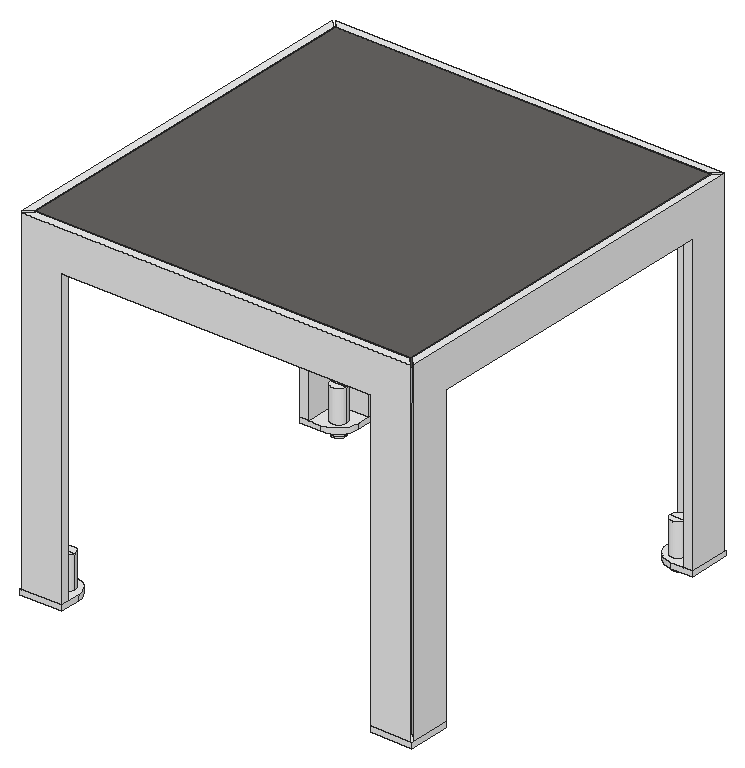
Revit family "Table-Multi_Use-Teknion-PRBM-R2014", category Furniture, Revit 2014
Parameters (values of type "(See Type Catalog)")
  Width = 19"
  Warranty = "http://www.teknionstudio.com/pdfs/Teknion%20Studio%20Warranty.pdf"
  Unit Weight = 0.00 lbf
  URL = "www.teknionstudio.com"
  Table Top Finish = Veneer - Teknion - P7 - Grey Oak
  Series = "B&B Italia"
  Product Page URL = "http://www.teknionstudio.com/progetto1/"
  Product Line = "Progetto"
  Product Documentation Link = "http://www.teknionstudio.com/pricing/progetto_ppg.pdf"
  Part Number = "PRBM"
  Model = ""
  Manufacturer Phone = "919-464-2920"
  Manufacturer Fax = "919-464-2927"
  Manufacturer Email = "customersupport@teknionstudio.com"
  Manufacturer Address = "3941 US 70 Business HWY West, Clayton, NC 27520"
  Manufacturer = "StudioTK"  # constant formula
  Low Emitting Material = yes
  Low Emitting Finish = yes
  Interior Frame Finish = none
  Height = 17"
  Foot Offset = if(Adjustable Foot, 5/8", 1/4")  # 5/8"
  Fixed Foot = not(Adjustable Foot)  # no
  Exterior Frame Finish = Metal - Teknion - C6 - Chrome
  Description = ""
  Depth = 19"
  Assembly Code = "E2020200"
  Adjustable Foot = yes
Reference planes (in)
  plane 1 "Center F/B": y = 0
  plane 2: z = 0
  plane 3 "Center L/R": x = 0
  plane 4 "Left": x = -9.5
  plane 5 "Right": x = 9.5
  plane 6 "Back": y = 9.5
  plane 7 "Front": y = -9.5
  plane 8 "Top": z = 17
  plane 9: z = 0.625
  plane 10 "Revolve Front": y = -8.22842
  plane 11 "Revolve Back": y = 8.22842
Forms (in)
  Sweep 1, solid, material "Veneer - Teknion - P7 - Grey Oak" <- "Table Top Finish"
    path origin (0, 0, 17) x (-1, 0, 0) y (0, -1, 0)
      loop
        line (9.09858, 0) -> (-9.09858, 0)
    profile origin (0, 0, 17) x (0, 1, 0) y (0, 0, 1)
      loop
        line (9.09858, 0) -> (-9.09858, 0) -> (-9.09858, -0.40625) -> (9.09858, -0.40625) -> (9.09858, 0)
  Sweep 2, solid, material "Metal - Teknion - C6 - Chrome" <- "Exterior Frame Finish"
    path origin (0, 0, 0) x (1, 0, 0) y (0, 0, 1)
      loop
        line (0, 17) -> (0, 0.625)
    profile origin (0, 0, 8.8125) x (0, -1, 0) y (1, 0, 0)
      loop
        line (-7.47933, -9.09858) -> (-9.0003, -9.09858) -> (-9.40171, -9.5) -> (-7.47933, -9.5) -> (-7.47933, -9.09858)
      loop
        line (-9.09858, -9.0003) -> (-9.09858, -7.47933) -> (-9.5, -7.47933) -> (-9.5, -9.40171) -> (-9.09858, -9.0003)
      loop
        line (-7.47933, 9.09858) -> (-7.47933, 9.5) -> (-9.40171, 9.5) -> (-9.0003, 9.09858) -> (-7.47933, 9.09858)
      loop
        line (-9.09858, 9.0003) -> (-9.5, 9.40171) -> (-9.5, 7.47933) -> (-9.09858, 7.47933) -> (-9.09858, 9.0003)
      loop
        line (7.47933, 9.09858) -> (9.0003, 9.09858) -> (9.40171, 9.5) -> (7.47933, 9.5) -> (7.47933, 9.09858)
      loop
        line (9.09858, 9.0003) -> (9.09858, 7.47933) -> (9.5, 7.47933) -> (9.5, 9.40171) -> (9.09858, 9.0003)
      loop
        line (7.47933, -9.09858) -> (7.47933, -9.5) -> (9.40171, -9.5) -> (9.0003, -9.09858) -> (7.47933, -9.09858)
      loop
        line (9.09858, -9.0003) -> (9.5, -9.40171) -> (9.5, -7.47933) -> (9.09858, -7.47933) -> (9.09858, -9.0003)
  Sweep 3, solid, material "Metal - Teknion - C6 - Chrome" <- "Exterior Frame Finish"
    path origin (0, 0, 17) x (-1, 0, 0) y (0, -1, 0)
      loop
        line (0, 7.47933) -> (0, -7.47933)
    profile origin (0, 0, 17) x (-1, 0, 0) y (0, 0, 1)
      loop
        line (9.5, 0) -> (9.09858, 0) -> (9.09858, -1.9685) -> (9.5, -1.9685) -> (9.5, 0)
      loop
        line (-9.5, 0) -> (-9.5, -1.9685) -> (-9.09858, -1.9685) -> (-9.09858, 0) -> (-9.5, 0)
  Sweep 4, solid, material "Metal - Teknion - C6 - Chrome" <- "Exterior Frame Finish", visible <- "Adjustable Foot"
    path origin (0, 0, 0) x (1, 0, 0) y (0, 0, 1)
      loop
        line (0, 0.376) -> (0, 0.625)
    profile origin (0, 0, 0.5005) x (-1, 0, 0) y (0, -1, 0)
      loop
        line (9.5, -9.5) -> (9.5, -7.47933) -> (8.47933, -7.47933)
        arc (8.47933, -7.47933) -> (7.77222, -7.77222) -> (7.47933, -8.47933) r 1
        line (7.47933, -8.47933) -> (7.47933, -9.5) -> (9.5, -9.5)
      loop
        line (-9.5, -9.5) -> (-7.47933, -9.5) -> (-7.47933, -8.47933)
        arc (-7.47933, -8.47933) -> (-7.77222, -7.77222) -> (-8.47933, -7.47933) r 1
        line (-8.47933, -7.47933) -> (-9.5, -7.47933) -> (-9.5, -9.5)
      loop
        line (-9.5, 9.5) -> (-9.5, 7.47933) -> (-8.47933, 7.47933)
        arc (-8.47933, 7.47933) -> (-7.77222, 7.77222) -> (-7.47933, 8.47933) r 1
        line (-7.47933, 8.47933) -> (-7.47933, 9.5) -> (-9.5, 9.5)
      loop
        line (9.5, 9.5) -> (7.47933, 9.5) -> (7.47933, 8.47933)
        arc (7.47933, 8.47933) -> (7.77222, 7.77222) -> (8.47933, 7.47933) r 1
        line (8.47933, 7.47933) -> (9.5, 7.47933) -> (9.5, 9.5)
  Revolve 5, solid, material "Metal - Teknion - C6 - Chrome" <- "Exterior Frame Finish", visible <- "Adjustable Foot"
    sketch origin (0, -8.22842, 0) x (1, 0, 0) y (0, 0, 1)
      loop
        line (-7.85433, 2.17054) -> (-8.22933, 2.17054) -> (-8.22933, 0) -> (-7.91683, 0) -> (-7.91683, 0.126) -> (-7.85433, 0.126) -> (-7.85433, 2.17054)
      axis (-8.22933, 0) -> (-8.22933, 2.17054)
    angle from 0 to 360
  Sweep 6, solid, material "Metal - Teknion - C6 - Chrome" <- "Exterior Frame Finish", visible <- "Fixed Foot"
    path origin (0, -8.22842, 0) x (1, 0, 0) y (0, 0, 1)
      loop
        line (0, 0.376) -> (0, 0.625)
    profile origin (0, -8.22842, 0.5005) x (-1, 0, 0) y (0, -1, 0)
      loop
        line (7.47933, -17.32701) -> (7.47933, -17.72842) -> (9.5, -17.72842) -> (9.5, -15.70775) -> (9.09858, -15.70775) -> (9.09858, -17.32701) -> (7.47933, -17.32701)
      loop
        line (-7.47933, -17.72842) -> (-7.47933, -17.32701) -> (-9.09858, -17.32701) -> (-9.09858, -15.70775) -> (-9.5, -15.70775) -> (-9.5, -17.72842) -> (-7.47933, -17.72842)
      loop
        line (-9.5, -0.74909) -> (-9.09858, -0.74909) -> (-9.09858, 0.87016) -> (-7.47933, 0.87016) -> (-7.47933, 1.27158) -> (-9.5, 1.27158) -> (-9.5, -0.74909)
      loop
        line (7.47933, 1.27158) -> (7.47933, 0.87016) -> (9.09858, 0.87016) -> (9.09858, -0.74909) -> (9.5, -0.74909) -> (9.5, 1.27158) -> (7.47933, 1.27158)
  Sweep 7, solid, material <- "Interior Frame Finish"
    path origin (0, 0, 17) x (-1, 0, 0) y (0, -1, 0)
      loop
        line (9.09858, -9.09858) -> (9.09858, 9.09858) -> (-9.09858, 9.09858) -> (-9.09858, -9.09858) -> (9.09858, -9.09858)
    profile origin (-9.09858, 0, 17) x (-1, 0, 0) y (0, 0, 1)
      loop
        line (-0.40142, -1.9685) -> (0, -1.9685) -> (0, -0.40625) -> (-0.40142, -0.40625) -> (-0.40142, -1.9685)
  Sweep 8, solid, material "Metal - Teknion - C6 - Chrome" <- "Exterior Frame Finish"
    path origin (0, 0, 17) x (0, 1, 0) y (-1, 0, 0)
      loop
        line (0, 7.47933) -> (0, -7.47933)
    profile origin (0, 0, 17) x (0, 1, 0) y (0, 0, 1)
      loop
        line (9.5, 0) -> (9.09858, 0) -> (9.09858, -1.9685) -> (9.5, -1.9685) -> (9.5, 0)
      loop
        line (-9.5, 0) -> (-9.5, -1.9685) -> (-9.09858, -1.9685) -> (-9.09858, 0) -> (-9.5, 0)
  Revolve 9, solid, material "Metal - Teknion - C6 - Chrome" <- "Exterior Frame Finish", visible <- "Adjustable Foot"
    sketch origin (0, -8.22842, 0) x (-1, 0, 0) y (0, 0, 1)
      loop
        line (-7.85433, 2.17054) -> (-8.22933, 2.17054) -> (-8.22933, 0) -> (-7.91683, 0) -> (-7.91683, 0.126) -> (-7.85433, 0.126) -> (-7.85433, 2.17054)
      axis (-8.22933, 0) -> (-8.22933, 2.17054)
    angle from 0 to 360
  Revolve 10, solid, material "Metal - Teknion - C6 - Chrome" <- "Exterior Frame Finish", visible <- "Adjustable Foot"
    sketch origin (0, 8.22842, 0) x (1, 0, 0) y (0, 0, 1)
      loop
        line (-7.85433, 2.17054) -> (-8.22933, 2.17054) -> (-8.22933, 0) -> (-7.91683, 0) -> (-7.91683, 0.126) -> (-7.85433, 0.126) -> (-7.85433, 2.17054)
      axis (-8.22933, 0) -> (-8.22933, 2.17054)
    angle from 0 to 360
  Revolve 11, solid, material "Metal - Teknion - C6 - Chrome" <- "Exterior Frame Finish", visible <- "Adjustable Foot"
    sketch origin (0, 8.22842, 0) x (1, 0, 0) y (0, 0, 1)
      loop
        line (7.85433, 2.17054) -> (7.85433, 0.126) -> (7.91683, 0.126) -> (7.91683, 0) -> (8.22933, 0) -> (8.22933, 2.17054) -> (7.85433, 2.17054)
      axis (8.22933, 0) -> (8.22933, 2.17054)
    angle from 0 to 360
Cuts and joins
  joined: Sweep 4, Revolve 5, Revolve 9, Revolve 10, Revolve 11
  joined: Sweep 2, Sweep 3, Sweep 8
Lines and regions (in)
  Masking region 1
    outline origin (0, 0, 17) x (-1, 0, 0) y (0, -1, 0)
      loop
        line (9.5, -9.5) -> (9.5, 9.5) -> (-9.5, 9.5) -> (-9.5, -9.5) -> (9.5, -9.5)
  symbolic lines, detail levels medium+fine
    curve 1: line (-9.09858, 9.09858, 17) -> (-9.09858, -9.09858, 17)
    curve 2: line (-9.09858, -9.09858, 17) -> (9.09858, -9.09858, 17)
    curve 3: line (9.09858, -9.09858, 17) -> (9.09858, 9.09858, 17)
    curve 4: line (9.09858, 9.09858, 17) -> (-9.09858, 9.09858, 17)
  symbolic lines, style "FurnitureHiddenLines", detail levels fine
    curve 5: line (-8.69717, 8.69717, 17) -> (8.69717, 8.69717, 17)
    curve 6: line (-8.69717, -8.69717, 17) -> (-8.69717, 8.69717, 17)
    curve 7: line (8.69717, -8.69717, 17) -> (-8.69717, -8.69717, 17)
    curve 8: line (8.69717, 8.69717, 17) -> (8.69717, -8.69717, 17)
Dimensions and locks (in)
  equal spacing: plane 4 "Left", plane 3 "Center L/R", plane 5 "Right"
  equal spacing: plane 6 "Back", plane 1 "Center F/B", plane 7 "Front"
  locked: Sweep 1 sketch curve to plane 5 "Right" at 0.40142
  locked: plane 4 "Left" to Sweep 1 sketch curve at 0.40142
  locked: plane 8 "Top" to Sweep 1 sketch curve at 0.40625
  locked: plane 6 "Back" to Sweep 1 sketch curve at 0.40142
  locked: Sweep 1 sketch curve to plane 7 "Front" at 0.40142
  locked: plane 4 "Left" to Sweep 2 sketch curve at 2.02067  (x2)
  locked: Sweep 2 sketch curve to plane 7 "Front" at 2.02067
  locked: plane 4 "Left" to Sweep 2 sketch curve at 0.40142  (x2)
  locked: plane 7 "Front" to Sweep 2 sketch curve at 0.40142
  locked: Sweep 2 sketch curve to plane 7 "Front" at 0.40142
  locked: Sweep 2 sketch curve to plane 5 "Right" at 0.40142  (x2)
  locked: plane 7 "Front" to Sweep 2 sketch curve at 2.02067
  locked: Sweep 2 sketch curve to plane 5 "Right" at 2.02067  (x2)
  locked: plane 9 to Sweep 4 sketch curve at 0.249
  "Width": plane 4 "Left" to plane 5 "Right"
  "Depth": plane 6 "Back" to plane 7 "Front"
  locked: plane 4 "Left" to Sweep 4 sketch curve at 1.02067  (x2)
  locked: plane 6 "Back" to Sweep 4 sketch curve at 1.02067  (x2)
  locked: Sweep 4 sketch curve to plane 5 "Right" at 1.02067  (x2)
  locked: plane 7 "Front" to Sweep 4 sketch curve at 1.02067  (x2)
  locked: Revolve 5 sketch curve to Revolve 5 sketch curve at 0.375
  locked: Revolve 5 sketch curve to Revolve 5 sketch curve at 0.3125
  locked: plane 6 "Back" to Sweep 2 sketch curve at 2.02067
  locked: Sweep 2 sketch curve to plane 6 "Back" at 0.40142
  locked: plane 6 "Back" to Sweep 2 sketch curve at 0.40142
  locked: Sweep 2 sketch curve to plane 6 "Back" at 2.02067
  locked: Revolve 5 sketch curve to plane 4 "Left" at 1.27067
  locked: Revolve 5 sketch curve to plane 2 at 2.17054
  locked: plane 7 "Front" to plane 10 "Revolve Front" at 1.27158
  locked: plane 6 "Back" to plane 11 "Revolve Back" at 1.27158
  locked: plane 9 to Sweep 6 sketch curve at 0.249
  "Foot Offset": plane 9 to plane 2
  locked: plane 4 "Left" to Sweep 7 sketch curve at 0.40142
  locked: Sweep 7 sketch curve to plane 5 "Right" at 0.40142
  locked: Sweep 7 sketch curve to plane 6 "Back" at 0.40142
  locked: plane 7 "Front" to Sweep 7 sketch curve at 0.40142
  locked: profile plane to Sweep 7 sketch curve at 0.40142
  locked: profile plane to Sweep 7 sketch curve at 1.9685
  locked: plane 8 "Top" to Sweep 7 sketch curve at 0.40625
  locked: plane 4 "Left" to Sweep 3 sketch curve at 0.40142
  locked: plane 8 "Top" to Sweep 3 sketch curve at 1.9685  (x2)
  locked: Sweep 3 sketch curve to plane 5 "Right" at 0.40142
  locked: plane 6 "Back" to Sweep 8 sketch curve at 0.40142
  locked: plane 8 "Top" to Sweep 8 sketch curve at 1.9685
  locked: Sweep 8 sketch curve to plane 7 "Front" at 0.40142
  locked: Sweep 8 sketch curve to plane 8 "Top" at 1.9685
  locked: plane 7 "Front" to Sweep 3 sketch curve at 2.02067
  locked: plane 6 "Back" to Sweep 3 sketch curve at 2.02067
  locked: plane 4 "Left" to Sweep 8 sketch curve at 2.02067
  locked: Sweep 8 sketch curve to plane 5 "Right" at 2.02067
  locked: Revolve 9 sketch curve to Revolve 9 sketch curve at 0.375
  locked: Revolve 9 sketch curve to Revolve 9 sketch curve at 0.3125
  locked: plane 5 "Right" to Revolve 9 sketch curve at 1.27067
  locked: Revolve 9 sketch curve to plane 2 at 2.17054
  locked: Revolve 10 sketch curve to Revolve 10 sketch curve at 0.375
  locked: Revolve 10 sketch curve to Revolve 10 sketch curve at 0.3125
  locked: Revolve 11 sketch curve to Revolve 11 sketch curve at 0.375
  locked: Revolve 11 sketch curve to Revolve 11 sketch curve at 0.3125
  locked: Revolve 10 sketch curve to plane 4 "Left" at 1.27067
  locked: Revolve 10 sketch curve to plane 2 at 2.17054
  locked: plane 5 "Right" to Revolve 11 sketch curve at 1.27067
  locked: Revolve 11 sketch curve to plane 2 at 2.17054
  locked: Sweep 2 sketch curve to Sweep 2 sketch curve at 0.139  (x4)
  locked: curve 8 to plane 5 "Right" at 0.80283
  locked: plane 4 "Left" to curve 6 at 0.80283
  locked: plane 7 "Front" to curve 7 at 0.80283
  locked: plane 6 "Back" to curve 5 at 0.80283
  locked: Revolve 5 sketch curve to plane 2 at 0.126
  locked: Revolve 10 sketch curve to plane 2 at 0.126
  locked: Revolve 9 sketch curve to plane 2 at 0.126
  locked: Revolve 11 sketch curve to plane 2 at 0.126
  "Height": plane 8 "Top" to plane 2
  aligned and locked: level to plane 2
  aligned and locked: plane 1 "Center F/B" to Sweep 1 sketch curve
  aligned and locked: Sweep 1 sketch curve to plane 8 "Top"
  aligned and locked: plane 8 "Top" to Sweep 2 sketch curve
  aligned and locked: plane 9 to Sweep 2 sketch curve
  aligned and locked: Sweep 2 sketch curve to plane 3 "Center L/R"
  aligned and locked: plane 4 "Left" to Sweep 2 sketch curve  (x2)
  aligned and locked: Sweep 2 sketch curve to plane 6 "Back"
  aligned and locked: plane 6 "Back" to Sweep 2 sketch curve
  aligned and locked: Sweep 2 sketch curve to plane 5 "Right"
  aligned and locked: Sweep 2 sketch curve to plane 7 "Front"
  aligned and locked: plane 5 "Right" to Sweep 2 sketch curve
  aligned and locked: plane 7 "Front" to Sweep 2 sketch curve
  aligned and locked: plane 3 "Center L/R" to Sweep 4 sketch curve
  aligned and locked: plane 9 to Sweep 4 sketch curve
  aligned and locked: Sweep 4 sketch curve to plane 4 "Left"
  aligned and locked: Sweep 4 sketch curve to plane 6 "Back"
  aligned and locked: plane 7 "Front" to Sweep 4 sketch curve
  aligned and locked: plane 4 "Left" to Sweep 4 sketch curve
  aligned and locked: plane 5 "Right" to Sweep 4 sketch curve
  aligned and locked: Sweep 4 sketch curve to plane 7 "Front"
  aligned and locked: Sweep 4 sketch curve to plane 5 "Right"
  aligned and locked: plane 6 "Back" to Sweep 4 sketch curve
  aligned and locked: Revolve 5 sketch curve to Revolve 5 sketch curve
  aligned and locked: plane 3 "Center L/R" to Sweep 6 sketch curve
  aligned and locked: plane 9 to Sweep 6 sketch curve
  aligned and locked: Sweep 6 sketch curve to Sweep 2  (x24)
  aligned and locked: profile plane to Sweep 7 sketch curve
  aligned and locked: plane 3 "Center L/R" to Sweep 3 sketch curve
  aligned and locked: plane 4 "Left" to Sweep 3 sketch curve
  aligned and locked: Sweep 3 sketch curve to plane 8 "Top"
  aligned and locked: plane 5 "Right" to Sweep 3 sketch curve
  aligned and locked: plane 8 "Top" to Sweep 3 sketch curve
  aligned and locked: plane 1 "Center F/B" to Sweep 8 sketch curve
  aligned and locked: Sweep 8 sketch curve to plane 8 "Top"
  aligned and locked: Sweep 8 sketch curve to plane 6 "Back"
  aligned and locked: plane 7 "Front" to Sweep 8 sketch curve
  aligned and locked: plane 8 "Top" to Sweep 8 sketch curve
  aligned and locked: Revolve 9 sketch curve to Revolve 9 sketch curve
  aligned and locked: plane 2 to Revolve 9 sketch curve
  aligned and locked: Revolve 10 sketch curve to Revolve 10 sketch curve
  aligned and locked: Revolve 11 sketch curve to Revolve 11 sketch curve
  aligned and locked: plane 2 to Revolve 11 sketch curve
  aligned and locked: Masking region 1 sketch curve to plane 4 "Left"
  aligned and locked: Masking region 1 sketch curve to plane 6 "Back"
  aligned and locked: Masking region 1 sketch curve to plane 7 "Front"
  aligned and locked: Masking region 1 sketch curve to plane 5 "Right"
  aligned and locked: curve 1 to Sweep 1
  aligned and locked: curve 2 to Sweep 1
  aligned and locked: curve 3 to Sweep 1
  aligned and locked: curve 4 to Sweep 1
  aligned and locked: Revolve 5 sketch curve to plane 2
  aligned and locked: Revolve 10 sketch curve to plane 2
Automatic sketch dimensions
  Sweep 4 sketch curve to Sweep 4 sketch curve = 1"  (x4)
  Revolve 5 sketch curve to Revolve 5 sketch curve = 0.28131"
  Revolve 5 sketch curve to Revolve 5 sketch curve = 0.04815"
  Revolve 9 sketch curve to Revolve 9 sketch curve = 0.28131"
  Revolve 9 sketch curve to Revolve 9 sketch curve = 0.04815"
  Revolve 10 sketch curve to Revolve 10 sketch curve = 0.28131"
  Revolve 10 sketch curve to Revolve 10 sketch curve = 0.04815"
  Revolve 11 sketch curve to Revolve 11 sketch curve = 0.28131"
  Revolve 11 sketch curve to Revolve 11 sketch curve = 0.04815"
  Sweep 2 sketch curve to Sweep 2 sketch curve = 0.09829"  (x8)
